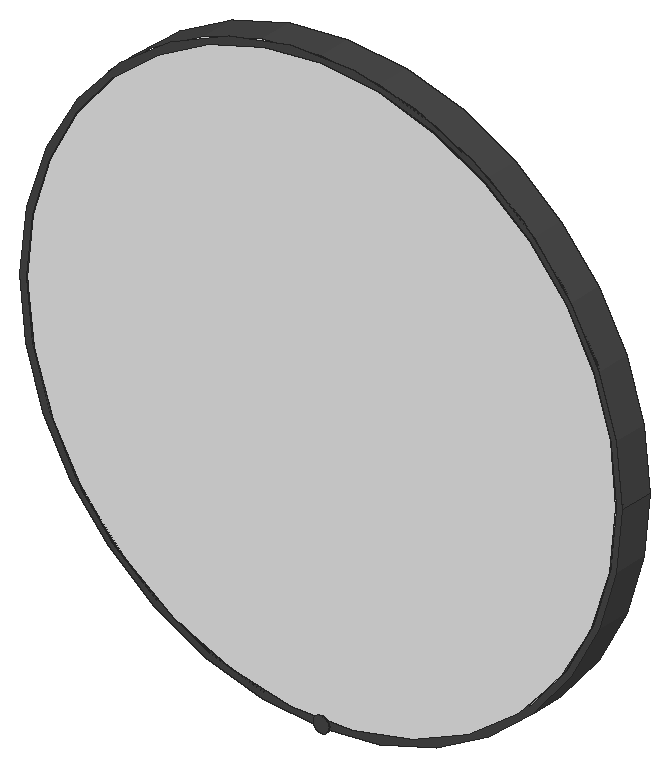
Revit family "3-020X-xx Avior Mirror", category Lighting Fixtures, host Wall, Revit 2021
Family settings
  Host = Wall
  Round Connector Dimension = Use Diameter
  Part Type = Normal
  OmniClass Number = 23.80.70.00
  OmniClass Title = Lighting
  Always vertical = Yes
  Cut with Voids When Loaded = No
  Light Source = No
  Shared = No
  Room Calculation Point = No
Parameters (values of type "3-0201-15 / Black")
  Diameter = 762 mm
  Default Elevation = 0 mm
  Wattage Comments = "1 x 48 W at 120 V"
  Voltage Input = "120 V or 277 V - 50/60 Hz"  # constant formula
  Voltage = 120 V
  URL = "www.oxygenlighting.com"
  References = "Ref. 3 = 120 V / Ref. 37 = 277 V"  # constant formula
  Model = "3-020X-xx / Avior Round"  # constant formula
  Metal Finish 1 = 15 - Black
  Manufacturer = "Vanita by Oxygen"  # constant formula
  Lamp = "LED Array"  # constant formula
Types (3, lengths in mm): name | Diameter | Wattage Comments
  3-0201-15 / Black | 762 | "1 x 48 W at 120 V"
  3-0202-15 / Black | 914 | "1 x 50.7 W at 120 V"
  3-0203-15 / Black | 1219 | "1 x 99.8 W at 120 V"
Reference planes
  plane 1: y = 0
  plane 2 "Light Source Axis (L/R)": x = 125
  plane 3 "Light Source Axis (F/R)": y = 160
  plane 4 "Light Source Elevation": z = 700
  plane 5: y = 75
Text (mm)
  text "Placement side" at (-1787.139, 1116.779, 0), in view "Ref. Level"
  text "Placement side" at (0, 2110.396, 2986.058), in view "Left"
  text "Placement side" at (0, 628.478, 3011.967), in view "Right"
Dimensions and locks
  aligned and locked: plane 1 to host wall
  aligned and locked: plane 5 to host wall
  aligned and locked: plane 5 to nested 1
  aligned and locked: nested 1 to plane 2 "Light Source Axis (L/R)"
Nested families
  nested 1: "Family1" at (125, 75, 1005) x (-1, 0, 0) z (0, 0, 1), type "Family1"
Connectors
  electrical at (125, 75, 1005)
    settings: on nested 1, index 1, voltage 0 V, apparent load 0 VA, apparent load phase1 0 VA, apparent load phase2 0 VA, apparent load phase3 0 VA, power factor 1, load classification "Otro", number of poles 1, system type 31, power factor state 1, is connector primary yes, connector utility no, sub classification motor no, connector description ""
Definition of nested family "Family1"
  Parameters (values of type "Family1")
    Radius = Diameter / 2  # 381 mm
    Metal Touch Switch = (Diameter / 2) - 4.3 mm  # 376.7 mm
    Metal Finish 1 = none
    Inner Diameter = Radius - 8.5 mm  # 372.5 mm
    Diameter = 762 mm
    Default Elevation = 0 mm
  Reference planes
    plane 1 "Center (Front/Back)": y = 0
    plane 2: z = 0
    plane 3 "Center (Left/Right)": x = 0
    plane 4: z = -376.7
  Forms (mm)
    Extrusion 1, solid
      sketch origin (0, 0, 0) x (1, 0, 0) y (0, 0, 1)
        loop
          circle (0, 0) r 372.5
      from 0 to 36.422
    Extrusion 2, solid, material <- "Metal Finish 1"
      sketch origin (0, 0, 0) x (1, 0, 0) y (0, 0, 1)
        loop
          circle (0, 0) r 381
        loop
          circle (0, 0) r 372.5
      from 0 to 42
    Extrusion 3, solid, material <- "Metal Finish 1"
      sketch origin (0, 0, 0) x (1, 0, 0) y (0, 0, 1)
        loop
          circle (0, -376.7) r 10
      from 0 to 43.657
  Dimensions and locks
    "Metal Touch Switch": plane 4 to plane 2
    "Radius": radius of Extrusion 2 sketch curve
    "Inner Diameter": radius of Extrusion 2 sketch curve
    aligned and locked: plane 2 to level
    aligned and locked: Extrusion 1 sketch curve to Extrusion 2  (x2)
    aligned and locked: plane 3 "Center (Left/Right)" to Extrusion 3 sketch curve
    aligned and locked: plane 4 to Extrusion 3 sketch curve
  Automatic sketch dimensions
    Extrusion 2 sketch curve to Extrusion 2 sketch curve = 0 mm  (x2)
    Extrusion 2 sketch curve to level = 0 mm
    Extrusion 2 sketch curve to plane 3 "Center (Left/Right)" = 0 mm
    radius of Extrusion 3 sketch curve = 10 mm
